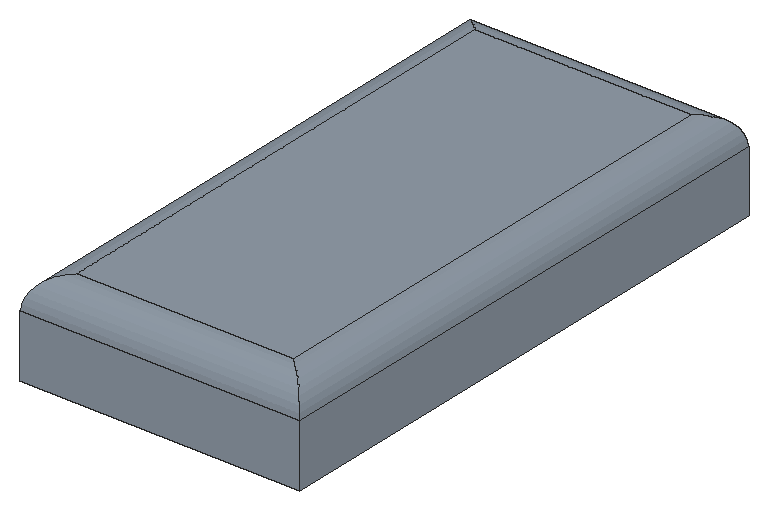
Revit family "FU_Seat_LAPSE 0225TA", category Furniture, Revit 2022
Family settings
  OmniClass Number = 23.40.20.00
  OmniClass Title = General Furniture and Specialties
  Work Plane-Based = No
  Always vertical = Yes
  Cut with Voids When Loaded = No
  Render Appearance Source = Family Geometry
  Shared = No
  Room Calculation Point = No
Parameters (values of type "LAP 0225TA")
  Width = 360 mm
  URL = "https://www.sandlerseating.com/product/lapse-0225ta-2/"
  Seat [instance] = Fabric - Gravity - Frozen CPC27
  Model = "Lapse 0225TA"
  Manufacturer = "Sandler"
  Height = 120 mm
  Elevation = 336 mm
  Description = "Backless upholstered half seat in the Lapse modular sofa range, 36cm x 72cm / 14.2\" x 28.3\"."
  Depth = 720 mm
  Default Elevation = 336 mm
Reference planes
  plane 1 "Center (Front/Back)": y = 0
  plane 2 "Elevation": z = 336
  plane 3 "Center (Left/Right)": x = 0
  plane 4: x = -180
  plane 5: x = 180
  plane 6: y = -360
  plane 7: y = 360
  plane 8 "Height": z = 456
Forms (mm)
  Extrusion 1, solid, material "Fabric - Gravity - Frozen CPC27" <- "Seat"
    sketch origin (0, 0, 0) x (0, 1, 0) y (0, 0, 1)
      loop
        line (360, 456) -> (-360, 456) -> (-360, 336) -> (360, 336) -> (360, 456)
    from -180 to 180
  Sweep 2, void
    path in 3D
      loop
        line (-180, -360, 456) -> (-180, 360, 456) -> (180, 360, 456) -> (180, -360, 456) -> (-180, -360, 456)
    profile "Pro_edgeCut_40mm : Pro_edgeCut_40mm" origin (0, -360, 456) x (0, -1, 0) y (0, 0, 1)
      loop
        line (21.213, -7.071) -> (-7.071, 21.213) -> (-40, 0)
        arc (-40, 0) -> (-11.716, -11.716) -> (0, -40) r 40
        line (0, -40) -> (21.213, -7.071)
Cuts and joins
  Sweep 2 cuts Extrusion 1
Lines and regions (mm)
  sketch lines
    curve 1: line (180, -360, 456) -> (-180, -360, 456)
    curve 2: line (180, 360, 456) -> (180, -360, 456)
    curve 3: line (180, 360, 456) -> (-180, 360, 456)
    curve 4: line (-180, -360, 456) -> (-180, 360, 456)
Dimensions and locks
  equal spacing: plane 4, plane 3 "Center (Left/Right)", plane 5
  equal spacing: plane 7, plane 1 "Center (Front/Back)", plane 6
  "Depth": plane 7 to plane 6
  "Width": plane 4 to plane 5
  "Height": plane 8 "Height" to plane 2 "Elevation"
  "Elevation": plane 2 "Elevation" to level
  aligned and locked: plane 2 "Elevation" to Extrusion 1 sketch curve
  aligned and locked: cut or joined group of Extrusion 1, Sweep 2 to plane 4
  aligned and locked: cut or joined group of Extrusion 1, Sweep 2 to plane 5
Automatic sketch dimensions
  Extrusion 1 sketch curve to plane 6 = 0 mm
  Extrusion 1 sketch curve to plane 7 = 0 mm
  Extrusion 1 sketch curve to plane 8 "Height" = 0 mm
